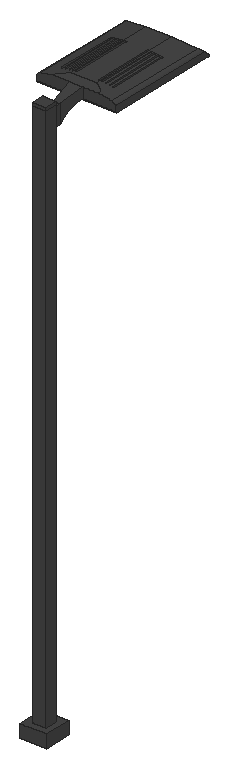
Revit family "ALT240", category Lighting Fixtures, Revit 2014 (continued)
Definition of nested family "ALT"
  Forms (in)
    Extrusion 75, solid, material <- "LED Driver"
      sketch origin (2.37396, -179.89764, 38.82377) x (0.866025, 0, -0.5) y (0, -1, 0)
        loop
          line (6.05585, -185.56694) -> (7.01439, -185.56694)
          arc (7.01439, -185.56694) -> (6.96846, -185.03619) -> (6.75322, -184.54888) r 1.62363
          line (6.75322, -184.54888) -> (5.5006, -184.54888)
          arc (5.5006, -184.54888) -> (5.87786, -185.00357) -> (6.05585, -185.56694) r 1.53777
      from 1.98786 to 4.1619
    Extrusion 76, solid, material "Glass - Hubbell -  Lens" <- "Glass Material"
      sketch origin (-40.93053, -172.92664, 54.8329) x (0.179871, 0.978148, -0.104278) y (-0.501549, 0, -0.865129)
        loop
          line (184.54888, -5.42074) -> (184.54888, -4.67074) -> (184.41762, -4.80201) -> (184.32071, -4.70511)
          arc (184.32071, -4.70511) -> (184.26716, -5.04574) -> (184.32071, -5.38637) r 1.11021
          line (184.32071, -5.38637) -> (184.41762, -5.28947) -> (184.54888, -5.42074)
        loop
          line (184.54888, -3.8381) -> (184.41038, -3.9766) -> (184.30814, -3.87436)
          arc (184.30814, -3.87436) -> (184.25164, -4.23376) -> (184.30814, -4.59316) r 1.17138
          line (184.30814, -4.59316) -> (184.41038, -4.49092) -> (184.54888, -4.62942) -> (184.54888, -3.8381)
      from -14.15361 to -13.40215
    Extrusion 77, solid, material <- "LED Driver"
      sketch origin (2.37396, -179.89764, 41.82377) x (0.866025, 0, -0.5) y (0, -1, 0)
        loop
          line (6.05585, -185.56694) -> (7.01439, -185.56694)
          arc (7.01439, -185.56694) -> (6.96846, -185.03619) -> (6.75322, -184.54888) r 1.62363
          line (6.75322, -184.54888) -> (5.5006, -184.54888)
          arc (5.5006, -184.54888) -> (5.87786, -185.00357) -> (6.05585, -185.56694) r 1.53777
      from 1.98786 to 4.1619
    Extrusion 78, solid, material "Glass - Hubbell -  Lens" <- "Glass Material"
      sketch origin (-40.93053, -172.92664, 57.8329) x (0.179871, 0.978148, -0.104278) y (-0.501549, 0, -0.865129)
        loop
          line (184.54888, -5.42074) -> (184.54888, -4.67074) -> (184.41762, -4.80201) -> (184.32071, -4.70511)
          arc (184.32071, -4.70511) -> (184.26716, -5.04574) -> (184.32071, -5.38637) r 1.11021
          line (184.32071, -5.38637) -> (184.41762, -5.28947) -> (184.54888, -5.42074)
        loop
          line (184.54888, -3.8381) -> (184.41038, -3.9766) -> (184.30814, -3.87436)
          arc (184.30814, -3.87436) -> (184.25164, -4.23376) -> (184.30814, -4.59316) r 1.17138
          line (184.30814, -4.59316) -> (184.41038, -4.49092) -> (184.54888, -4.62942) -> (184.54888, -3.8381)
      from -14.15361 to -13.40215
    Extrusion 79, solid, material <- "LED Driver"
      sketch origin (0.10205, -179.89764, 24.97483) x (-0.866025, 0, -0.5) y (0, 1, 0)
        loop
          arc (6.05585, 185.56694) -> (5.87786, 185.00357) -> (5.5006, 184.54888) r 1.53777
          line (5.5006, 184.54888) -> (6.75322, 184.54888)
          arc (6.75322, 184.54888) -> (6.96846, 185.03619) -> (7.01439, 185.56694) r 1.62363
          line (7.01439, 185.56694) -> (6.05585, 185.56694)
      from 1.98786 to 4.1619
    Extrusion 80, solid, material "Glass - Hubbell -  Lens" <- "Glass Material"
      sketch origin (43.40653, -172.92664, 41.23396) x (-0.179871, 0.978148, -0.104278) y (-0.501549, 0, 0.865129)
        loop
          line (184.54888, 5.42074) -> (184.41762, 5.28947) -> (184.32071, 5.38637)
          arc (184.32071, 5.38637) -> (184.26716, 5.04574) -> (184.32071, 4.70511) r 1.11021
          line (184.32071, 4.70511) -> (184.41762, 4.80201) -> (184.54888, 4.67074) -> (184.54888, 5.42074)
        loop
          line (184.54888, 3.8381) -> (184.54888, 4.62942) -> (184.41038, 4.49092) -> (184.30814, 4.59316)
          arc (184.30814, 4.59316) -> (184.25164, 4.23376) -> (184.30814, 3.87436) r 1.17138
          line (184.30814, 3.87436) -> (184.41038, 3.9766) -> (184.54888, 3.8381)
      from -14.15361 to -13.40215
    Extrusion 81, solid, material <- "LED Driver"
      sketch origin (-2.01141, -179.89764, 24.97483) x (-0.866025, 0, -0.5) y (0, 1, 0)
        loop
          arc (6.05585, 185.56694) -> (5.87786, 185.00357) -> (5.5006, 184.54888) r 1.53777
          line (5.5006, 184.54888) -> (6.75322, 184.54888)
          arc (6.75322, 184.54888) -> (6.96846, 185.03619) -> (7.01439, 185.56694) r 1.62363
          line (7.01439, 185.56694) -> (6.05585, 185.56694)
      from 1.98786 to 4.1619
    Extrusion 82, solid, material "Glass - Hubbell -  Lens" <- "Glass Material"
      sketch origin (41.29307, -172.92664, 41.23396) x (-0.179871, 0.978148, -0.104278) y (-0.501549, 0, 0.865129)
        loop
          line (184.54888, 5.42074) -> (184.41762, 5.28947) -> (184.32071, 5.38637)
          arc (184.32071, 5.38637) -> (184.26716, 5.04574) -> (184.32071, 4.70511) r 1.11021
          line (184.32071, 4.70511) -> (184.41762, 4.80201) -> (184.54888, 4.67074) -> (184.54888, 5.42074)
        loop
          line (184.54888, 3.8381) -> (184.54888, 4.62942) -> (184.41038, 4.49092) -> (184.30814, 4.59316)
          arc (184.30814, 4.59316) -> (184.25164, 4.23376) -> (184.30814, 3.87436) r 1.17138
          line (184.30814, 3.87436) -> (184.41038, 3.9766) -> (184.54888, 3.8381)
      from -14.15361 to -13.40215
    Extrusion 83, solid, material <- "LED Driver"
      sketch origin (-4.27522, -179.89764, 24.97483) x (-0.866025, 0, -0.5) y (0, 1, 0)
        loop
          arc (6.05585, 185.56694) -> (5.87786, 185.00357) -> (5.5006, 184.54888) r 1.53777
          line (5.5006, 184.54888) -> (6.75322, 184.54888)
          arc (6.75322, 184.54888) -> (6.96846, 185.03619) -> (7.01439, 185.56694) r 1.62363
          line (7.01439, 185.56694) -> (6.05585, 185.56694)
      from 1.98786 to 4.1619
    Extrusion 84, solid, material "Glass - Hubbell -  Lens" <- "Glass Material"
      sketch origin (39.02926, -172.92664, 41.23396) x (-0.179871, 0.978148, -0.104278) y (-0.501549, 0, 0.865129)
        loop
          line (184.54888, 5.42074) -> (184.41762, 5.28947) -> (184.32071, 5.38637)
          arc (184.32071, 5.38637) -> (184.26716, 5.04574) -> (184.32071, 4.70511) r 1.11021
          line (184.32071, 4.70511) -> (184.41762, 4.80201) -> (184.54888, 4.67074) -> (184.54888, 5.42074)
        loop
          line (184.54888, 3.8381) -> (184.54888, 4.62942) -> (184.41038, 4.49092) -> (184.30814, 4.59316)
          arc (184.30814, 4.59316) -> (184.25164, 4.23376) -> (184.30814, 3.87436) r 1.17138
          line (184.30814, 3.87436) -> (184.41038, 3.9766) -> (184.54888, 3.8381)
      from -14.15361 to -13.40215
    Extrusion 85, solid, material <- "LED Driver"
      sketch origin (0.10205, -179.89764, 27.97483) x (-0.866025, 0, -0.5) y (0, 1, 0)
        loop
          arc (6.05585, 185.56694) -> (5.87786, 185.00357) -> (5.5006, 184.54888) r 1.53777
          line (5.5006, 184.54888) -> (6.75322, 184.54888)
          arc (6.75322, 184.54888) -> (6.96846, 185.03619) -> (7.01439, 185.56694) r 1.62363
          line (7.01439, 185.56694) -> (6.05585, 185.56694)
      from 1.98786 to 4.1619
    Extrusion 86, solid, material "Glass - Hubbell -  Lens" <- "Glass Material"
      sketch origin (43.40653, -172.92664, 44.23396) x (-0.179871, 0.978148, -0.104278) y (-0.501549, 0, 0.865129)
        loop
          line (184.54888, 5.42074) -> (184.41762, 5.28947) -> (184.32071, 5.38637)
          arc (184.32071, 5.38637) -> (184.26716, 5.04574) -> (184.32071, 4.70511) r 1.11021
          line (184.32071, 4.70511) -> (184.41762, 4.80201) -> (184.54888, 4.67074) -> (184.54888, 5.42074)
        loop
          line (184.54888, 3.8381) -> (184.54888, 4.62942) -> (184.41038, 4.49092) -> (184.30814, 4.59316)
          arc (184.30814, 4.59316) -> (184.25164, 4.23376) -> (184.30814, 3.87436) r 1.17138
          line (184.30814, 3.87436) -> (184.41038, 3.9766) -> (184.54888, 3.8381)
      from -14.15361 to -13.40215
    Extrusion 87, solid, material <- "LED Driver"
      sketch origin (-2.01141, -179.89764, 27.97483) x (-0.866025, 0, -0.5) y (0, 1, 0)
        loop
          arc (6.05585, 185.56694) -> (5.87786, 185.00357) -> (5.5006, 184.54888) r 1.53777
          line (5.5006, 184.54888) -> (6.75322, 184.54888)
          arc (6.75322, 184.54888) -> (6.96846, 185.03619) -> (7.01439, 185.56694) r 1.62363
          line (7.01439, 185.56694) -> (6.05585, 185.56694)
      from 1.98786 to 4.1619
    Extrusion 88, solid, material "Glass - Hubbell -  Lens" <- "Glass Material"
      sketch origin (41.29307, -172.92664, 44.23396) x (-0.179871, 0.978148, -0.104278) y (-0.501549, 0, 0.865129)
        loop
          line (184.54888, 5.42074) -> (184.41762, 5.28947) -> (184.32071, 5.38637)
          arc (184.32071, 5.38637) -> (184.26716, 5.04574) -> (184.32071, 4.70511) r 1.11021
          line (184.32071, 4.70511) -> (184.41762, 4.80201) -> (184.54888, 4.67074) -> (184.54888, 5.42074)
        loop
          line (184.54888, 3.8381) -> (184.54888, 4.62942) -> (184.41038, 4.49092) -> (184.30814, 4.59316)
          arc (184.30814, 4.59316) -> (184.25164, 4.23376) -> (184.30814, 3.87436) r 1.17138
          line (184.30814, 3.87436) -> (184.41038, 3.9766) -> (184.54888, 3.8381)
      from -14.15361 to -13.40215
    Extrusion 89, solid, material <- "LED Driver"
      sketch origin (-4.27522, -179.89764, 27.97483) x (-0.866025, 0, -0.5) y (0, 1, 0)
        loop
          arc (6.05585, 185.56694) -> (5.87786, 185.00357) -> (5.5006, 184.54888) r 1.53777
          line (5.5006, 184.54888) -> (6.75322, 184.54888)
          arc (6.75322, 184.54888) -> (6.96846, 185.03619) -> (7.01439, 185.56694) r 1.62363
          line (7.01439, 185.56694) -> (6.05585, 185.56694)
      from 1.98786 to 4.1619
    Extrusion 90, solid, material "Glass - Hubbell -  Lens" <- "Glass Material"
      sketch origin (39.02926, -172.92664, 44.23396) x (-0.179871, 0.978148, -0.104278) y (-0.501549, 0, 0.865129)
        loop
          line (184.54888, 5.42074) -> (184.41762, 5.28947) -> (184.32071, 5.38637)
          arc (184.32071, 5.38637) -> (184.26716, 5.04574) -> (184.32071, 4.70511) r 1.11021
          line (184.32071, 4.70511) -> (184.41762, 4.80201) -> (184.54888, 4.67074) -> (184.54888, 5.42074)
        loop
          line (184.54888, 3.8381) -> (184.54888, 4.62942) -> (184.41038, 4.49092) -> (184.30814, 4.59316)
          arc (184.30814, 4.59316) -> (184.25164, 4.23376) -> (184.30814, 3.87436) r 1.17138
          line (184.30814, 3.87436) -> (184.41038, 3.9766) -> (184.54888, 3.8381)
      from -14.15361 to -13.40215
    Extrusion 91, solid, material <- "LED Driver"
      sketch origin (0.10205, -179.89764, 30.72483) x (-0.866025, 0, -0.5) y (0, 1, 0)
        loop
          arc (6.05585, 185.56694) -> (5.87786, 185.00357) -> (5.5006, 184.54888) r 1.53777
          line (5.5006, 184.54888) -> (6.75322, 184.54888)
          arc (6.75322, 184.54888) -> (6.96846, 185.03619) -> (7.01439, 185.56694) r 1.62363
          line (7.01439, 185.56694) -> (6.05585, 185.56694)
      from 1.98786 to 4.1619
    Extrusion 92, solid, material "Glass - Hubbell -  Lens" <- "Glass Material"
      sketch origin (43.40653, -172.92664, 46.98396) x (-0.179871, 0.978148, -0.104278) y (-0.501549, 0, 0.865129)
        loop
          line (184.54888, 5.42074) -> (184.41762, 5.28947) -> (184.32071, 5.38637)
          arc (184.32071, 5.38637) -> (184.26716, 5.04574) -> (184.32071, 4.70511) r 1.11021
          line (184.32071, 4.70511) -> (184.41762, 4.80201) -> (184.54888, 4.67074) -> (184.54888, 5.42074)
        loop
          line (184.54888, 3.8381) -> (184.54888, 4.62942) -> (184.41038, 4.49092) -> (184.30814, 4.59316)
          arc (184.30814, 4.59316) -> (184.25164, 4.23376) -> (184.30814, 3.87436) r 1.17138
          line (184.30814, 3.87436) -> (184.41038, 3.9766) -> (184.54888, 3.8381)
      from -14.15361 to -13.40215
    Extrusion 93, solid, material <- "LED Driver"
      sketch origin (-2.01141, -179.89764, 30.72483) x (-0.866025, 0, -0.5) y (0, 1, 0)
        loop
          arc (6.05585, 185.56694) -> (5.87786, 185.00357) -> (5.5006, 184.54888) r 1.53777
          line (5.5006, 184.54888) -> (6.75322, 184.54888)
          arc (6.75322, 184.54888) -> (6.96846, 185.03619) -> (7.01439, 185.56694) r 1.62363
          line (7.01439, 185.56694) -> (6.05585, 185.56694)
      from 1.98786 to 4.1619
    Extrusion 94, solid, material "Glass - Hubbell -  Lens" <- "Glass Material"
      sketch origin (41.29307, -172.92664, 46.98396) x (-0.179871, 0.978148, -0.104278) y (-0.501549, 0, 0.865129)
        loop
          line (184.54888, 5.42074) -> (184.41762, 5.28947) -> (184.32071, 5.38637)
          arc (184.32071, 5.38637) -> (184.26716, 5.04574) -> (184.32071, 4.70511) r 1.11021
          line (184.32071, 4.70511) -> (184.41762, 4.80201) -> (184.54888, 4.67074) -> (184.54888, 5.42074)
        loop
          line (184.54888, 3.8381) -> (184.54888, 4.62942) -> (184.41038, 4.49092) -> (184.30814, 4.59316)
          arc (184.30814, 4.59316) -> (184.25164, 4.23376) -> (184.30814, 3.87436) r 1.17138
          line (184.30814, 3.87436) -> (184.41038, 3.9766) -> (184.54888, 3.8381)
      from -14.15361 to -13.40215
    Extrusion 95, solid, material <- "LED Driver"
      sketch origin (-4.27522, -179.89764, 30.72483) x (-0.866025, 0, -0.5) y (0, 1, 0)
        loop
          arc (6.05585, 185.56694) -> (5.87786, 185.00357) -> (5.5006, 184.54888) r 1.53777
          line (5.5006, 184.54888) -> (6.75322, 184.54888)
          arc (6.75322, 184.54888) -> (6.96846, 185.03619) -> (7.01439, 185.56694) r 1.62363
          line (7.01439, 185.56694) -> (6.05585, 185.56694)
      from 1.98786 to 4.1619
    Extrusion 96, solid, material "Glass - Hubbell -  Lens" <- "Glass Material"
      sketch origin (39.02926, -172.92664, 46.98396) x (-0.179871, 0.978148, -0.104278) y (-0.501549, 0, 0.865129)
        loop
          line (184.54888, 5.42074) -> (184.41762, 5.28947) -> (184.32071, 5.38637)
          arc (184.32071, 5.38637) -> (184.26716, 5.04574) -> (184.32071, 4.70511) r 1.11021
          line (184.32071, 4.70511) -> (184.41762, 4.80201) -> (184.54888, 4.67074) -> (184.54888, 5.42074)
        loop
          line (184.54888, 3.8381) -> (184.54888, 4.62942) -> (184.41038, 4.49092) -> (184.30814, 4.59316)
          arc (184.30814, 4.59316) -> (184.25164, 4.23376) -> (184.30814, 3.87436) r 1.17138
          line (184.30814, 3.87436) -> (184.41038, 3.9766) -> (184.54888, 3.8381)
      from -14.15361 to -13.40215
    Extrusion 97, solid, material <- "LED Driver"
      sketch origin (0.10205, -179.89764, 33.59983) x (-0.866025, 0, -0.5) y (0, 1, 0)
        loop
          arc (6.05585, 185.56694) -> (5.87786, 185.00357) -> (5.5006, 184.54888) r 1.53777
          line (5.5006, 184.54888) -> (6.75322, 184.54888)
          arc (6.75322, 184.54888) -> (6.96846, 185.03619) -> (7.01439, 185.56694) r 1.62363
          line (7.01439, 185.56694) -> (6.05585, 185.56694)
      from 1.98786 to 4.1619
    Extrusion 98, solid, material "Glass - Hubbell -  Lens" <- "Glass Material"
      sketch origin (43.40653, -172.92664, 49.85896) x (-0.179871, 0.978148, -0.104278) y (-0.501549, 0, 0.865129)
        loop
          line (184.54888, 5.42074) -> (184.41762, 5.28947) -> (184.32071, 5.38637)
          arc (184.32071, 5.38637) -> (184.26716, 5.04574) -> (184.32071, 4.70511) r 1.11021
          line (184.32071, 4.70511) -> (184.41762, 4.80201) -> (184.54888, 4.67074) -> (184.54888, 5.42074)
        loop
          line (184.54888, 3.8381) -> (184.54888, 4.62942) -> (184.41038, 4.49092) -> (184.30814, 4.59316)
          arc (184.30814, 4.59316) -> (184.25164, 4.23376) -> (184.30814, 3.87436) r 1.17138
          line (184.30814, 3.87436) -> (184.41038, 3.9766) -> (184.54888, 3.8381)
      from -14.15361 to -13.40215
    Extrusion 99, solid, material <- "LED Driver"
      sketch origin (-2.01141, -179.89764, 33.59983) x (-0.866025, 0, -0.5) y (0, 1, 0)
        loop
          arc (6.05585, 185.56694) -> (5.87786, 185.00357) -> (5.5006, 184.54888) r 1.53777
          line (5.5006, 184.54888) -> (6.75322, 184.54888)
          arc (6.75322, 184.54888) -> (6.96846, 185.03619) -> (7.01439, 185.56694) r 1.62363
          line (7.01439, 185.56694) -> (6.05585, 185.56694)
      from 1.98786 to 4.1619
    Extrusion 100, solid, material "Glass - Hubbell -  Lens" <- "Glass Material"
      sketch origin (41.29307, -172.92664, 49.85896) x (-0.179871, 0.978148, -0.104278) y (-0.501549, 0, 0.865129)
        loop
          line (184.54888, 5.42074) -> (184.41762, 5.28947) -> (184.32071, 5.38637)
          arc (184.32071, 5.38637) -> (184.26716, 5.04574) -> (184.32071, 4.70511) r 1.11021
          line (184.32071, 4.70511) -> (184.41762, 4.80201) -> (184.54888, 4.67074) -> (184.54888, 5.42074)
        loop
          line (184.54888, 3.8381) -> (184.54888, 4.62942) -> (184.41038, 4.49092) -> (184.30814, 4.59316)
          arc (184.30814, 4.59316) -> (184.25164, 4.23376) -> (184.30814, 3.87436) r 1.17138
          line (184.30814, 3.87436) -> (184.41038, 3.9766) -> (184.54888, 3.8381)
      from -14.15361 to -13.40215
    Extrusion 101, solid, material <- "LED Driver"
      sketch origin (-4.27522, -179.89764, 33.59983) x (-0.866025, 0, -0.5) y (0, 1, 0)
        loop
          arc (6.05585, 185.56694) -> (5.87786, 185.00357) -> (5.5006, 184.54888) r 1.53777
          line (5.5006, 184.54888) -> (6.75322, 184.54888)
          arc (6.75322, 184.54888) -> (6.96846, 185.03619) -> (7.01439, 185.56694) r 1.62363
          line (7.01439, 185.56694) -> (6.05585, 185.56694)
      from 1.98786 to 4.1619
    Extrusion 102, solid, material "Glass - Hubbell -  Lens" <- "Glass Material"
      sketch origin (39.02926, -172.92664, 49.85896) x (-0.179871, 0.978148, -0.104278) y (-0.501549, 0, 0.865129)
        loop
          line (184.54888, 5.42074) -> (184.41762, 5.28947) -> (184.32071, 5.38637)
          arc (184.32071, 5.38637) -> (184.26716, 5.04574) -> (184.32071, 4.70511) r 1.11021
          line (184.32071, 4.70511) -> (184.41762, 4.80201) -> (184.54888, 4.67074) -> (184.54888, 5.42074)
        loop
          line (184.54888, 3.8381) -> (184.54888, 4.62942) -> (184.41038, 4.49092) -> (184.30814, 4.59316)
          arc (184.30814, 4.59316) -> (184.25164, 4.23376) -> (184.30814, 3.87436) r 1.17138
          line (184.30814, 3.87436) -> (184.41038, 3.9766) -> (184.54888, 3.8381)
      from -14.15361 to -13.40215
    Extrusion 103, solid, material <- "LED Driver"
      sketch origin (0.10205, -179.89764, 36.59983) x (-0.866025, 0, -0.5) y (0, 1, 0)
        loop
          arc (6.05585, 185.56694) -> (5.87786, 185.00357) -> (5.5006, 184.54888) r 1.53777
          line (5.5006, 184.54888) -> (6.75322, 184.54888)
          arc (6.75322, 184.54888) -> (6.96846, 185.03619) -> (7.01439, 185.56694) r 1.62363
          line (7.01439, 185.56694) -> (6.05585, 185.56694)
      from 1.98786 to 4.1619
    Extrusion 104, solid, material "Glass - Hubbell -  Lens" <- "Glass Material"
      sketch origin (43.40653, -172.92664, 52.85896) x (-0.179871, 0.978148, -0.104278) y (-0.501549, 0, 0.865129)
        loop
          line (184.54888, 5.42074) -> (184.41762, 5.28947) -> (184.32071, 5.38637)
          arc (184.32071, 5.38637) -> (184.26716, 5.04574) -> (184.32071, 4.70511) r 1.11021
          line (184.32071, 4.70511) -> (184.41762, 4.80201) -> (184.54888, 4.67074) -> (184.54888, 5.42074)
        loop
          line (184.54888, 3.8381) -> (184.54888, 4.62942) -> (184.41038, 4.49092) -> (184.30814, 4.59316)
          arc (184.30814, 4.59316) -> (184.25164, 4.23376) -> (184.30814, 3.87436) r 1.17138
          line (184.30814, 3.87436) -> (184.41038, 3.9766) -> (184.54888, 3.8381)
      from -14.15361 to -13.40215
    Extrusion 105, solid, material <- "LED Driver"
      sketch origin (-2.01141, -179.89764, 36.59983) x (-0.866025, 0, -0.5) y (0, 1, 0)
        loop
          arc (6.05585, 185.56694) -> (5.87786, 185.00357) -> (5.5006, 184.54888) r 1.53777
          line (5.5006, 184.54888) -> (6.75322, 184.54888)
          arc (6.75322, 184.54888) -> (6.96846, 185.03619) -> (7.01439, 185.56694) r 1.62363
          line (7.01439, 185.56694) -> (6.05585, 185.56694)
      from 1.98786 to 4.1619
    Extrusion 106, solid, material "Glass - Hubbell -  Lens" <- "Glass Material"
      sketch origin (41.29307, -172.92664, 52.85896) x (-0.179871, 0.978148, -0.104278) y (-0.501549, 0, 0.865129)
        loop
          line (184.54888, 5.42074) -> (184.41762, 5.28947) -> (184.32071, 5.38637)
          arc (184.32071, 5.38637) -> (184.26716, 5.04574) -> (184.32071, 4.70511) r 1.11021
          line (184.32071, 4.70511) -> (184.41762, 4.80201) -> (184.54888, 4.67074) -> (184.54888, 5.42074)
        loop
          line (184.54888, 3.8381) -> (184.54888, 4.62942) -> (184.41038, 4.49092) -> (184.30814, 4.59316)
          arc (184.30814, 4.59316) -> (184.25164, 4.23376) -> (184.30814, 3.87436) r 1.17138
          line (184.30814, 3.87436) -> (184.41038, 3.9766) -> (184.54888, 3.8381)
      from -14.15361 to -13.40215
    Extrusion 107, solid, material <- "LED Driver"
      sketch origin (-4.27522, -179.89764, 36.59983) x (-0.866025, 0, -0.5) y (0, 1, 0)
        loop
          arc (6.05585, 185.56694) -> (5.87786, 185.00357) -> (5.5006, 184.54888) r 1.53777
          line (5.5006, 184.54888) -> (6.75322, 184.54888)
          arc (6.75322, 184.54888) -> (6.96846, 185.03619) -> (7.01439, 185.56694) r 1.62363
          line (7.01439, 185.56694) -> (6.05585, 185.56694)
      from 1.98786 to 4.1619
    Extrusion 108, solid, material "Glass - Hubbell -  Lens" <- "Glass Material"
      sketch origin (39.02926, -172.92664, 52.85896) x (-0.179871, 0.978148, -0.104278) y (-0.501549, 0, 0.865129)
        loop
          line (184.54888, 5.42074) -> (184.41762, 5.28947) -> (184.32071, 5.38637)
          arc (184.32071, 5.38637) -> (184.26716, 5.04574) -> (184.32071, 4.70511) r 1.11021
          line (184.32071, 4.70511) -> (184.41762, 4.80201) -> (184.54888, 4.67074) -> (184.54888, 5.42074)
        loop
          line (184.54888, 3.8381) -> (184.54888, 4.62942) -> (184.41038, 4.49092) -> (184.30814, 4.59316)
          arc (184.30814, 4.59316) -> (184.25164, 4.23376) -> (184.30814, 3.87436) r 1.17138
          line (184.30814, 3.87436) -> (184.41038, 3.9766) -> (184.54888, 3.8381)
      from -14.15361 to -13.40215
    Extrusion 109, solid, material <- "LED Driver"
      sketch origin (-6.4693, -179.89764, 27.07377) x (-0.866025, 0, -0.5) y (0, 1, 0)
        loop
          arc (6.05585, 185.56694) -> (5.87786, 185.00357) -> (5.5006, 184.54888) r 1.53777
          line (5.5006, 184.54888) -> (6.75322, 184.54888)
          arc (6.75322, 184.54888) -> (6.96846, 185.03619) -> (7.01439, 185.56694) r 1.62363
          line (7.01439, 185.56694) -> (6.05585, 185.56694)
      from 1.98786 to 4.1619
    Extrusion 110, solid, material "Glass - Hubbell -  Lens" <- "Glass Material"
      sketch origin (36.83519, -172.92664, 43.3329) x (-0.179871, 0.978148, -0.104278) y (-0.501549, 0, 0.865129)
        loop
          line (184.54888, 5.42074) -> (184.41762, 5.28947) -> (184.32071, 5.38637)
          arc (184.32071, 5.38637) -> (184.26716, 5.04574) -> (184.32071, 4.70511) r 1.11021
          line (184.32071, 4.70511) -> (184.41762, 4.80201) -> (184.54888, 4.67074) -> (184.54888, 5.42074)
        loop
          line (184.54888, 3.8381) -> (184.54888, 4.62942) -> (184.41038, 4.49092) -> (184.30814, 4.59316)
          arc (184.30814, 4.59316) -> (184.25164, 4.23376) -> (184.30814, 3.87436) r 1.17138
          line (184.30814, 3.87436) -> (184.41038, 3.9766) -> (184.54888, 3.8381)
      from -14.15361 to -13.40215
    Extrusion 111, solid, material <- "LED Driver"
      sketch origin (-6.4693, -179.89764, 29.82377) x (-0.866025, 0, -0.5) y (0, 1, 0)
        loop
          arc (6.05585, 185.56694) -> (5.87786, 185.00357) -> (5.5006, 184.54888) r 1.53777
          line (5.5006, 184.54888) -> (6.75322, 184.54888)
          arc (6.75322, 184.54888) -> (6.96846, 185.03619) -> (7.01439, 185.56694) r 1.62363
          line (7.01439, 185.56694) -> (6.05585, 185.56694)
      from 1.98786 to 4.1619
    Extrusion 112, solid, material "Glass - Hubbell -  Lens" <- "Glass Material"
      sketch origin (36.83519, -172.92664, 46.0829) x (-0.179871, 0.978148, -0.104278) y (-0.501549, 0, 0.865129)
        loop
          line (184.54888, 5.42074) -> (184.41762, 5.28947) -> (184.32071, 5.38637)
          arc (184.32071, 5.38637) -> (184.26716, 5.04574) -> (184.32071, 4.70511) r 1.11021
          line (184.32071, 4.70511) -> (184.41762, 4.80201) -> (184.54888, 4.67074) -> (184.54888, 5.42074)
        loop
          line (184.54888, 3.8381) -> (184.54888, 4.62942) -> (184.41038, 4.49092) -> (184.30814, 4.59316)
          arc (184.30814, 4.59316) -> (184.25164, 4.23376) -> (184.30814, 3.87436) r 1.17138
          line (184.30814, 3.87436) -> (184.41038, 3.9766) -> (184.54888, 3.8381)
      from -14.15361 to -13.40215
    Extrusion 113, solid, material <- "LED Driver"
      sketch origin (-6.4693, -179.89764, 32.94877) x (-0.866025, 0, -0.5) y (0, 1, 0)
        loop
          arc (6.05585, 185.56694) -> (5.87786, 185.00357) -> (5.5006, 184.54888) r 1.53777
          line (5.5006, 184.54888) -> (6.75322, 184.54888)
          arc (6.75322, 184.54888) -> (6.96846, 185.03619) -> (7.01439, 185.56694) r 1.62363
          line (7.01439, 185.56694) -> (6.05585, 185.56694)
      from 1.98786 to 4.1619
    Extrusion 114, solid, material "Glass - Hubbell -  Lens" <- "Glass Material"
      sketch origin (36.83519, -172.92664, 48.9579) x (-0.179871, 0.978148, -0.104278) y (-0.501549, 0, 0.865129)
        loop
          line (184.54888, 5.42074) -> (184.41762, 5.28947) -> (184.32071, 5.38637)
          arc (184.32071, 5.38637) -> (184.26716, 5.04574) -> (184.32071, 4.70511) r 1.11021
          line (184.32071, 4.70511) -> (184.41762, 4.80201) -> (184.54888, 4.67074) -> (184.54888, 5.42074)
        loop
          line (184.54888, 3.8381) -> (184.54888, 4.62942) -> (184.41038, 4.49092) -> (184.30814, 4.59316)
          arc (184.30814, 4.59316) -> (184.25164, 4.23376) -> (184.30814, 3.87436) r 1.17138
          line (184.30814, 3.87436) -> (184.41038, 3.9766) -> (184.54888, 3.8381)
      from -14.15361 to -13.40215
    Extrusion 115, solid, material <- "LED Driver"
      sketch origin (-6.4693, -179.89764, 35.69877) x (-0.866025, 0, -0.5) y (0, 1, 0)
        loop
          arc (6.05585, 185.56694) -> (5.87786, 185.00357) -> (5.5006, 184.54888) r 1.53777
          line (5.5006, 184.54888) -> (6.75322, 184.54888)
          arc (6.75322, 184.54888) -> (6.96846, 185.03619) -> (7.01439, 185.56694) r 1.62363
          line (7.01439, 185.56694) -> (6.05585, 185.56694)
      from 1.98786 to 4.1619
    Extrusion 116, solid, material "Glass - Hubbell -  Lens" <- "Glass Material"
      sketch origin (36.83519, -172.92664, 51.9579) x (-0.179871, 0.978148, -0.104278) y (-0.501549, 0, 0.865129)
        loop
          line (184.54888, 5.42074) -> (184.41762, 5.28947) -> (184.32071, 5.38637)
          arc (184.32071, 5.38637) -> (184.26716, 5.04574) -> (184.32071, 4.70511) r 1.11021
          line (184.32071, 4.70511) -> (184.41762, 4.80201) -> (184.54888, 4.67074) -> (184.54888, 5.42074)
        loop
          line (184.54888, 3.8381) -> (184.54888, 4.62942) -> (184.41038, 4.49092) -> (184.30814, 4.59316)
          arc (184.30814, 4.59316) -> (184.25164, 4.23376) -> (184.30814, 3.87436) r 1.17138
          line (184.30814, 3.87436) -> (184.41038, 3.9766) -> (184.54888, 3.8381)
      from -14.15361 to -13.40215
    Extrusion 117, solid, material <- "LED Driver"
      sketch origin (0.10205, -179.89764, 39.72483) x (-0.866025, 0, -0.5) y (0, 1, 0)
        loop
          arc (6.05585, 185.56694) -> (5.87786, 185.00357) -> (5.5006, 184.54888) r 1.53777
          line (5.5006, 184.54888) -> (6.75322, 184.54888)
          arc (6.75322, 184.54888) -> (6.96846, 185.03619) -> (7.01439, 185.56694) r 1.62363
          line (7.01439, 185.56694) -> (6.05585, 185.56694)
      from 1.98786 to 4.1619
    Extrusion 118, solid, material "Glass - Hubbell -  Lens" <- "Glass Material"
      sketch origin (43.40653, -172.92664, 55.98396) x (-0.179871, 0.978148, -0.104278) y (-0.501549, 0, 0.865129)
        loop
          line (184.54888, 5.42074) -> (184.41762, 5.28947) -> (184.32071, 5.38637)
          arc (184.32071, 5.38637) -> (184.26716, 5.04574) -> (184.32071, 4.70511) r 1.11021
          line (184.32071, 4.70511) -> (184.41762, 4.80201) -> (184.54888, 4.67074) -> (184.54888, 5.42074)
        loop
          line (184.54888, 3.8381) -> (184.54888, 4.62942) -> (184.41038, 4.49092) -> (184.30814, 4.59316)
          arc (184.30814, 4.59316) -> (184.25164, 4.23376) -> (184.30814, 3.87436) r 1.17138
          line (184.30814, 3.87436) -> (184.41038, 3.9766) -> (184.54888, 3.8381)
      from -14.15361 to -13.40215
    Extrusion 119, solid, material <- "LED Driver"
      sketch origin (-2.01141, -179.89764, 39.72483) x (-0.866025, 0, -0.5) y (0, 1, 0)
        loop
          arc (6.05585, 185.56694) -> (5.87786, 185.00357) -> (5.5006, 184.54888) r 1.53777
          line (5.5006, 184.54888) -> (6.75322, 184.54888)
          arc (6.75322, 184.54888) -> (6.96846, 185.03619) -> (7.01439, 185.56694) r 1.62363
          line (7.01439, 185.56694) -> (6.05585, 185.56694)
      from 1.98786 to 4.1619
    Extrusion 120, solid, material "Glass - Hubbell -  Lens" <- "Glass Material"
      sketch origin (41.29307, -172.92664, 55.98396) x (-0.179871, 0.978148, -0.104278) y (-0.501549, 0, 0.865129)
        loop
          line (184.54888, 5.42074) -> (184.41762, 5.28947) -> (184.32071, 5.38637)
          arc (184.32071, 5.38637) -> (184.26716, 5.04574) -> (184.32071, 4.70511) r 1.11021
          line (184.32071, 4.70511) -> (184.41762, 4.80201) -> (184.54888, 4.67074) -> (184.54888, 5.42074)
        loop
          line (184.54888, 3.8381) -> (184.54888, 4.62942) -> (184.41038, 4.49092) -> (184.30814, 4.59316)
          arc (184.30814, 4.59316) -> (184.25164, 4.23376) -> (184.30814, 3.87436) r 1.17138
          line (184.30814, 3.87436) -> (184.41038, 3.9766) -> (184.54888, 3.8381)
      from -14.15361 to -13.40215
    Extrusion 121, solid, material <- "LED Driver"
      sketch origin (-4.27522, -179.89764, 39.72483) x (-0.866025, 0, -0.5) y (0, 1, 0)
        loop
          arc (6.05585, 185.56694) -> (5.87786, 185.00357) -> (5.5006, 184.54888) r 1.53777
          line (5.5006, 184.54888) -> (6.75322, 184.54888)
          arc (6.75322, 184.54888) -> (6.96846, 185.03619) -> (7.01439, 185.56694) r 1.62363
          line (7.01439, 185.56694) -> (6.05585, 185.56694)
      from 1.98786 to 4.1619
    Extrusion 122, solid, material "Glass - Hubbell -  Lens" <- "Glass Material"
      sketch origin (39.02926, -172.92664, 55.98396) x (-0.179871, 0.978148, -0.104278) y (-0.501549, 0, 0.865129)
        loop
          line (184.54888, 5.42074) -> (184.41762, 5.28947) -> (184.32071, 5.38637)
          arc (184.32071, 5.38637) -> (184.26716, 5.04574) -> (184.32071, 4.70511) r 1.11021
          line (184.32071, 4.70511) -> (184.41762, 4.80201) -> (184.54888, 4.67074) -> (184.54888, 5.42074)
        loop
          line (184.54888, 3.8381) -> (184.54888, 4.62942) -> (184.41038, 4.49092) -> (184.30814, 4.59316)
          arc (184.30814, 4.59316) -> (184.25164, 4.23376) -> (184.30814, 3.87436) r 1.17138
          line (184.30814, 3.87436) -> (184.41038, 3.9766) -> (184.54888, 3.8381)
      from -14.15361 to -13.40215
    Extrusion 123, solid, material <- "LED Driver"
      sketch origin (0.10205, -179.89764, 42.72483) x (-0.866025, 0, -0.5) y (0, 1, 0)
        loop
          arc (6.05585, 185.56694) -> (5.87786, 185.00357) -> (5.5006, 184.54888) r 1.53777
          line (5.5006, 184.54888) -> (6.75322, 184.54888)
          arc (6.75322, 184.54888) -> (6.96846, 185.03619) -> (7.01439, 185.56694) r 1.62363
          line (7.01439, 185.56694) -> (6.05585, 185.56694)
      from 1.98786 to 4.1619
    Extrusion 124, solid, material "Glass - Hubbell -  Lens" <- "Glass Material"
      sketch origin (43.40653, -172.92664, 58.98396) x (-0.179871, 0.978148, -0.104278) y (-0.501549, 0, 0.865129)
        loop
          line (184.54888, 5.42074) -> (184.41762, 5.28947) -> (184.32071, 5.38637)
          arc (184.32071, 5.38637) -> (184.26716, 5.04574) -> (184.32071, 4.70511) r 1.11021
          line (184.32071, 4.70511) -> (184.41762, 4.80201) -> (184.54888, 4.67074) -> (184.54888, 5.42074)
        loop
          line (184.54888, 3.8381) -> (184.54888, 4.62942) -> (184.41038, 4.49092) -> (184.30814, 4.59316)
          arc (184.30814, 4.59316) -> (184.25164, 4.23376) -> (184.30814, 3.87436) r 1.17138
          line (184.30814, 3.87436) -> (184.41038, 3.9766) -> (184.54888, 3.8381)
      from -14.15361 to -13.40215
    Extrusion 125, solid, material <- "LED Driver"
      sketch origin (-2.01141, -179.89764, 42.72483) x (-0.866025, 0, -0.5) y (0, 1, 0)
        loop
          arc (6.05585, 185.56694) -> (5.87786, 185.00357) -> (5.5006, 184.54888) r 1.53777
          line (5.5006, 184.54888) -> (6.75322, 184.54888)
          arc (6.75322, 184.54888) -> (6.96846, 185.03619) -> (7.01439, 185.56694) r 1.62363
          line (7.01439, 185.56694) -> (6.05585, 185.56694)
      from 1.98786 to 4.1619
    Extrusion 126, solid, material "Glass - Hubbell -  Lens" <- "Glass Material"
      sketch origin (41.29307, -172.92664, 58.98396) x (-0.179871, 0.978148, -0.104278) y (-0.501549, 0, 0.865129)
        loop
          line (184.54888, 5.42074) -> (184.41762, 5.28947) -> (184.32071, 5.38637)
          arc (184.32071, 5.38637) -> (184.26716, 5.04574) -> (184.32071, 4.70511) r 1.11021
          line (184.32071, 4.70511) -> (184.41762, 4.80201) -> (184.54888, 4.67074) -> (184.54888, 5.42074)
        loop
          line (184.54888, 3.8381) -> (184.54888, 4.62942) -> (184.41038, 4.49092) -> (184.30814, 4.59316)
          arc (184.30814, 4.59316) -> (184.25164, 4.23376) -> (184.30814, 3.87436) r 1.17138
          line (184.30814, 3.87436) -> (184.41038, 3.9766) -> (184.54888, 3.8381)
      from -14.15361 to -13.40215
    Extrusion 127, solid, material <- "LED Driver"
      sketch origin (-4.27522, -179.89764, 42.72483) x (-0.866025, 0, -0.5) y (0, 1, 0)
        loop
          arc (6.05585, 185.56694) -> (5.87786, 185.00357) -> (5.5006, 184.54888) r 1.53777
          line (5.5006, 184.54888) -> (6.75322, 184.54888)
          arc (6.75322, 184.54888) -> (6.96846, 185.03619) -> (7.01439, 185.56694) r 1.62363
          line (7.01439, 185.56694) -> (6.05585, 185.56694)
      from 1.98786 to 4.1619
    Extrusion 128, solid, material "Glass - Hubbell -  Lens" <- "Glass Material"
      sketch origin (39.02926, -172.92664, 58.98396) x (-0.179871, 0.978148, -0.104278) y (-0.501549, 0, 0.865129)
        loop
          line (184.54888, 5.42074) -> (184.41762, 5.28947) -> (184.32071, 5.38637)
          arc (184.32071, 5.38637) -> (184.26716, 5.04574) -> (184.32071, 4.70511) r 1.11021
          line (184.32071, 4.70511) -> (184.41762, 4.80201) -> (184.54888, 4.67074) -> (184.54888, 5.42074)
        loop
          line (184.54888, 3.8381) -> (184.54888, 4.62942) -> (184.41038, 4.49092) -> (184.30814, 4.59316)
          arc (184.30814, 4.59316) -> (184.25164, 4.23376) -> (184.30814, 3.87436) r 1.17138
          line (184.30814, 3.87436) -> (184.41038, 3.9766) -> (184.54888, 3.8381)
      from -14.15361 to -13.40215
    Extrusion 129, solid, material <- "LED Driver"
      sketch origin (-6.4693, -179.89764, 38.82377) x (-0.866025, 0, -0.5) y (0, 1, 0)
        loop
          arc (6.05585, 185.56694) -> (5.87786, 185.00357) -> (5.5006, 184.54888) r 1.53777
          line (5.5006, 184.54888) -> (6.75322, 184.54888)
          arc (6.75322, 184.54888) -> (6.96846, 185.03619) -> (7.01439, 185.56694) r 1.62363
          line (7.01439, 185.56694) -> (6.05585, 185.56694)
      from 1.98786 to 4.1619
    Extrusion 130, solid, material "Glass - Hubbell -  Lens" <- "Glass Material"
      sketch origin (36.83519, -172.92664, 54.8329) x (-0.179871, 0.978148, -0.104278) y (-0.501549, 0, 0.865129)
        loop
          line (184.54888, 5.42074) -> (184.41762, 5.28947) -> (184.32071, 5.38637)
          arc (184.32071, 5.38637) -> (184.26716, 5.04574) -> (184.32071, 4.70511) r 1.11021
          line (184.32071, 4.70511) -> (184.41762, 4.80201) -> (184.54888, 4.67074) -> (184.54888, 5.42074)
        loop
          line (184.54888, 3.8381) -> (184.54888, 4.62942) -> (184.41038, 4.49092) -> (184.30814, 4.59316)
          arc (184.30814, 4.59316) -> (184.25164, 4.23376) -> (184.30814, 3.87436) r 1.17138
          line (184.30814, 3.87436) -> (184.41038, 3.9766) -> (184.54888, 3.8381)
      from -14.15361 to -13.40215
    Extrusion 131, solid, material <- "LED Driver"
      sketch origin (-6.4693, -179.89764, 41.82377) x (-0.866025, 0, -0.5) y (0, 1, 0)
        loop
          arc (6.05585, 185.56694) -> (5.87786, 185.00357) -> (5.5006, 184.54888) r 1.53777
          line (5.5006, 184.54888) -> (6.75322, 184.54888)
          arc (6.75322, 184.54888) -> (6.96846, 185.03619) -> (7.01439, 185.56694) r 1.62363
          line (7.01439, 185.56694) -> (6.05585, 185.56694)
      from 1.98786 to 4.1619
    Extrusion 132, solid, material "Glass - Hubbell -  Lens" <- "Glass Material"
      sketch origin (36.83519, -172.92664, 57.8329) x (-0.179871, 0.978148, -0.104278) y (-0.501549, 0, 0.865129)
        loop
          line (184.54888, 5.42074) -> (184.41762, 5.28947) -> (184.32071, 5.38637)
          arc (184.32071, 5.38637) -> (184.26716, 5.04574) -> (184.32071, 4.70511) r 1.11021
          line (184.32071, 4.70511) -> (184.41762, 4.80201) -> (184.54888, 4.67074) -> (184.54888, 5.42074)
        loop
          line (184.54888, 3.8381) -> (184.54888, 4.62942) -> (184.41038, 4.49092) -> (184.30814, 4.59316)
          arc (184.30814, 4.59316) -> (184.25164, 4.23376) -> (184.30814, 3.87436) r 1.17138
          line (184.30814, 3.87436) -> (184.41038, 3.9766) -> (184.54888, 3.8381)
      from -14.15361 to -13.40215
  Cuts and joins
    Extrusion 5, Extrusion 6, Extrusion 8, Extrusion 13, Extrusion 16 cuts Extrusion 2
    Extrusion 5, Extrusion 8, Extrusion 16 cuts Extrusion 3
    Extrusion 5, Extrusion 8, Extrusion 16 cuts Extrusion 4
    joined: Extrusion 2, Extrusion 3, Extrusion 4
  Dimensions and locks (in)
    locked: plane 6 to plane 2 at 2
    locked: plane 6 to plane 7 at 7.75
    Extrusion 5 sketch curve to plane 3 "Center (Left/Right)" = 1.00"
    locked: plane 8 to plane 4 at 0.5
    plane 9 to plane 7 = 11.625"
    plane 7 to plane 6 to plane 2 = 7.75", 2.00"
    plane 10 to plane 7 = 36.75"
    aligned and locked: plane 2 to Extrusion 1
    aligned and locked: Extrusion 5 to plane 5
    aligned and locked: plane 1 "Center (Front/Back)" to Extrusion 5
    aligned and locked: plane 1 "Center (Front/Back)" to Extrusion 4
    aligned and locked: plane 4 to Extrusion 6
  Connectors (in)
    electrical at (-2.04767, 2.71619, 0), driven by "Load Classification", driven by "Voltage", driven by "Description"
      settings: on cut or joined group of Extrusion 2, Extrusion 3, Extrusion 4, Extrusion 5, Extrusion 6, Extrusion 8, Extrusion 13, Extrusion 16, index 1, voltage 120 V, apparent load 0 VA, apparent load phase1 0 VA, apparent load phase2 0 VA, apparent load phase3 0 VA, power factor 1, load classification "Lighting", number of poles 1, system type 30, power factor state 1, is connector primary yes, connector utility no, sub classification motor no, connector description "The ultimate in LED luminaire design featuring innovative engineering, thermal management and unique patented1 PicoPrism optics"
